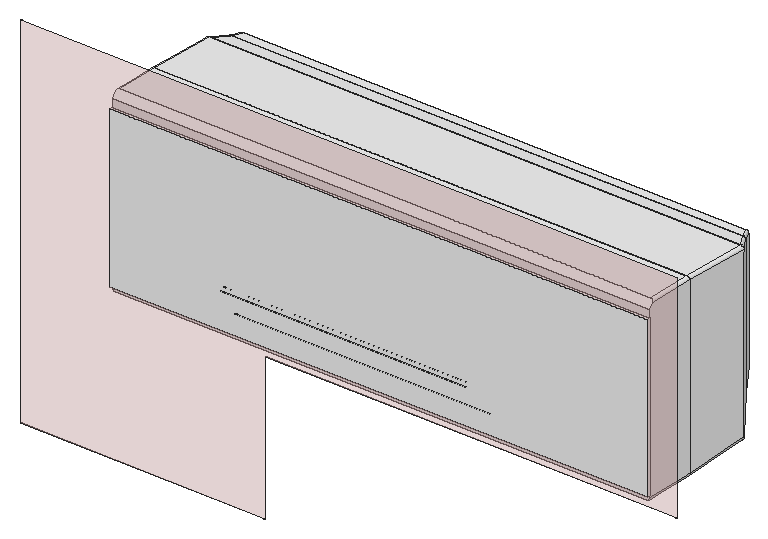
Revit family "PKFY-P40VLM-E(ET)", category Mechanical Equipment, host Wall, Revit 2016
Family settings
  Host = Wall
  Part Type = Normal
  Round Connector Dimension = Use Radius
  OmniClass Number = 23.75.00.00
  OmniClass Title = Climate Control (HVAC)
  Always vertical = Yes
  Cut with Voids When Loaded = No
  Shared = No
  Room Calculation Point = No
Parameters (values of type "PKFY-P40VLM-E(ET)_220V50Hz")
  Width (mm) = 898.000 mm
  Voltage = 220 V
  Unit Weight (kg) = 13.00 kg
  URL = "http://www.mitsubishielectric.com/"
  Subcategory = "HVAC"
  Space View = yes
  Refrigerant control device = "LEV"
  Protection Device = "Fuse"
  Phase = 1
  Outdoor unit refrigerant type = "R410A"
  Noise level (Low-Mid2-Mid1-High) (dB<A>) = "29- 34- 37 - 40 (measured in anechoic room)"
  Model = "PKFY-P40VLM-E(ET)"
  Manufacturer = "Mitsubishi Electric Corporation"
  Liquid pipe_radius (mm) = 3.175 mm
  Insulation material = "Polyethylene sheet"
  Hertz = 50 Hz
  Height (mm) = 299.000 mm
  Heating capacity (kW) = 5
  Heating Power Input (kW) = 0.03
  Heating Current Input (A) = 0.3 A
  Heat exchanger = "Cross fin (Aluminum fin and copper tube)"
  Gas pipe_radius (mm) = 6.350 mm
  Fan motor type = "DC motor"
  Fan Type = "Line flow fan"
  Fan Quantity = 1
  Fan Motor Output (kW) = 0.03
  Fan External static press (Pa(mmH2O)) = "0 (0)"
  Fan Driving mechanism = "Direct driven"
  Fan Air flow rate (Low-Mid2-Mid1-High) (m3/min) = "6.3 - 7.4 - 8.6 - 10.0"
  External Finish = "Plastic"
  Drain pipe_radius (mm) = 8.000 mm
  Depth (mm) = 237.000 mm
  Cooling capacity (kW) = 4.5
  Cooling Power Input (kW) = 0.04
  Cooling Current Input (A) = 0.35 A
  Connectable outdoor unit = "CITY MULTI"
  Air fitter = "PP Honeycomb"
Types (5, lengths in mm): name | Voltage | Hertz
  PKFY-P40VLM-E(ET)_220V50Hz | 220 V | 50 Hz
  PKFY-P40VLM-E(ET)_230V50Hz | 230 V | 50 Hz
  PKFY-P40VLM-E(ET)_240V50Hz | 240 V | 50 Hz
  PKFY-P40VLM-E(ET)_230V60Hz | 230 V | 60 Hz
  PKFY-P40VLM-E(ET)_220V60Hz | 220 V | 60 Hz
Reference planes
  plane 1 "Wall": y = 0
  plane 2 "Center (Left/Right)": x = 0
  plane 3 "Back": y = 75
  plane 4 "TOP": z = 1800
  plane 5: z = 0
  plane 6: z = 5000
  plane 7: z = 0
  plane 8 "UNDER": z = 1501
  plane 9 "Backpanel": y = 80
  plane 10 "Right": x = -449
  plane 11 "Left": x = 449
  plane 12 "114": y = 277
  plane 13 "83": y = 163
  plane 14: x = -432
  plane 15: x = 432
  plane 16 "25": y = 302
  plane 17: x = -424
  plane 18: x = 424
  plane 19: z = 1793.368
  plane 20: y = 115
  plane 21: z = 1516
  plane 22: z = 1531
  plane 23: z = 1556
  plane 24 "FRONT": y = 317
  plane 25: y = 80
  plane 26: x = -599
  plane 27: x = -189
  plane 28: z = 1494
  plane 29: z = 1251
  plane 30: z = 1855
  plane 31: x = 499
Forms (mm)
  Extrusion 1, solid, material "Paint_1Y 9.2/0.2"
    sketch origin (0, 75, -700) x (1, 0, 0) y (0, 0, 1)
      loop
        line (449, 2475) -> (-449, 2475) -> (-449, 2209) -> (449, 2209) -> (449, 2475)
    from 0 to -5
  Extrusion 2, solid, material "Paint_1Y 9.2/0.2"
    sketch origin (0, 80, -700) x (0, 0, -1) y (1, 0, 0)
      loop
        line (-2500, 444) -> (-2500, -444)
        arc (-2500, -444) -> (-2498.536, -447.536) -> (-2495, -449) r 5
        line (-2495, -449) -> (-2206, -449)
        arc (-2206, -449) -> (-2202.464, -447.536) -> (-2201, -444) r 5
        line (-2201, -444) -> (-2201, 444)
        arc (-2201, 444) -> (-2202.464, 447.536) -> (-2206, 449) r 5
        line (-2206, 449) -> (-2495, 449)
        arc (-2495, 449) -> (-2498.536, 447.536) -> (-2500, 444) r 5
    from 0 to -83
  Extrusion 3, void
    sketch origin (0, 0, -700) x (0, 1, 0) y (0, 0, 1)
      loop
        line (89, 2500) -> (80, 2500) -> (80, 2487) -> (89, 2500)
    from 449 to -449
  Blend 4, solid, material "Paint_1Y 9.2/0.2"
    base sketch origin (0, 277, 0) x (0, 0, 1) y (-1, 0, 0)
      loop
        line (1796, -444) -> (1796, 444)
        arc (1796, 444) -> (1794.536, 447.536) -> (1791, 449) r 5
        line (1791, 449) -> (1510, 449)
        arc (1510, 449) -> (1506.464, 447.536) -> (1505, 444) r 5
        line (1505, 444) -> (1505, -444)
        arc (1505, -444) -> (1506.464, -447.536) -> (1510, -449) r 5
        line (1510, -449) -> (1791, -449)
        arc (1791, -449) -> (1794.536, -447.536) -> (1796, -444) r 5
    top sketch origin (0, 277, 0) x (0, 0, 1) y (-1, 0, 0)
      loop
        line (1793, -427) -> (1793, 427)
        arc (1793, 427) -> (1791.536, 430.536) -> (1788, 432) r 5
        line (1788, 432) -> (1559, 432)
        arc (1559, 432) -> (1555.464, 430.536) -> (1554, 427) r 5
        line (1554, 427) -> (1554, -427)
        arc (1554, -427) -> (1555.464, -430.536) -> (1559, -432) r 5
        line (1559, -432) -> (1788, -432)
        arc (1788, -432) -> (1791.536, -430.536) -> (1793, -427) r 5
    from 0 to -25
  Blend 5, solid, material "Paint_1Y 9.2/0.2"
    base sketch origin (0, 302, 0) x (0, 0, 1) y (-1, 0, 0)
      loop
        arc (1793, 427) -> (1791.536, 430.536) -> (1788, 432) r 5
        line (1788, 432) -> (1559, 432)
        arc (1559, 432) -> (1555.464, 430.536) -> (1554, 427) r 5
        line (1554, 427) -> (1554, -427)
        arc (1554, -427) -> (1555.464, -430.536) -> (1559, -432) r 5
        line (1559, -432) -> (1788, -432)
        arc (1788, -432) -> (1791.536, -430.536) -> (1793, -427) r 5
        line (1793, -427) -> (1793, 427)
    top sketch origin (0, 302, 0) x (0, 0, 1) y (-1, 0, 0)
      loop
        line (1793, -419) -> (1793, 419)
        arc (1793, 419) -> (1791.536, 422.536) -> (1788, 424) r 5
        line (1788, 424) -> (1590, 424)
        arc (1590, 424) -> (1586.464, 422.536) -> (1585, 419) r 5
        line (1585, 419) -> (1585, -419)
        arc (1585, -419) -> (1586.464, -422.536) -> (1590, -424) r 5
        line (1590, -424) -> (1788, -424)
        arc (1788, -424) -> (1791.536, -422.536) -> (1793, -419) r 5
    from 0 to -15
  Blend 6, solid, material "Paint_1Y 9.2/0.2"
    base sketch origin (-62.5, 163, 0) x (0, 0, 1) y (-1, 0, 0)
      loop
        arc (1800, 381.5) -> (1798.536, 385.036) -> (1795, 386.5) r 5
        line (1795, 386.5) -> (1506, 386.5)
        arc (1506, 386.5) -> (1502.464, 385.036) -> (1501, 381.5) r 5
        line (1501, 381.5) -> (1501, -506.5)
        arc (1501, -506.5) -> (1502.464, -510.036) -> (1506, -511.5) r 5
        line (1506, -511.5) -> (1795, -511.5)
        arc (1795, -511.5) -> (1798.536, -510.036) -> (1800, -506.5) r 5
        line (1800, -506.5) -> (1800, 381.5)
    top sketch origin (-62.5, 163, 0) x (0, 0, 1) y (-1, 0, 0)
      loop
        line (1796, -506.5) -> (1796, 381.5)
        arc (1796, 381.5) -> (1794.536, 385.036) -> (1791, 386.5) r 5
        line (1791, 386.5) -> (1510, 386.5)
        arc (1510, 386.5) -> (1506.464, 385.036) -> (1505, 381.5) r 5
        line (1505, 381.5) -> (1505, -506.5)
        arc (1505, -506.5) -> (1506.464, -510.036) -> (1510, -511.5) r 5
        line (1510, -511.5) -> (1791, -511.5)
        arc (1791, -511.5) -> (1794.536, -510.036) -> (1796, -506.5) r 5
    from 0 to -114
  Extrusion 7, solid
    sketch origin (-449, 0, 5) x (0, 0, -1) y (0, 1, 0)
      loop
        circle (-1511, 115) r 3.175
    from 178 to 711
  Extrusion 8, solid
    sketch origin (-449, 0, -5) x (0, 0, -1) y (0, 1, 0)
      loop
        circle (-1536, 115) r 6.35
    from 192 to 642
  Extrusion 9, solid
    sketch origin (-449, 0, 0) x (0, 0, -1) y (0, 1, 0)
      loop
        circle (-1556, 115) r 8
    from 160 to 660
  Extrusion 10, solid, material "Service space", visible <- "Space View"
    sketch origin (0, 75, 0) x (1, 0, 0) y (0, 0, 1)
      loop
        line (499, 1855) -> (-599, 1855) -> (-599, 1251) -> (-189, 1251) -> (-189, 1494) -> (499, 1494) -> (499, 1855)
    from 0 to -1
  Extrusion 11, solid
    sketch origin (-449, 0, 0) x (0, 0, -1) y (0, 1, 0)
      loop
        circle (-1556, 115) r 14.5
    from 160 to 655
  Extrusion 12, solid, material "Paint_1Y 9.2/ 0.2"
    sketch origin (0, 0, 0) x (0, 1, 0) y (0, 0, 1)
      loop
        line (187, 1554) -> (187, 1501.842) -> (277, 1505) -> (302, 1554) -> (187, 1554)
    from -250 to 400
Cuts and joins
  Extrusion 3 cuts Extrusion 2
Lines and regions (mm)
  model lines
    curve 1: line (449, 80, 1582) -> (449, 163, 1582)
    curve 2: line (-449, 80, 1582) -> (-449, 163, 1582)
Text (mm)
  text "Placement side" at (-1820.995, 1116.779, 0), in view "Ref. Level"
  text "Placement side" at (0, 1334.055, 2976.191), in view "Left"
  text "Placement side" at (0, 439.194, 2944.362), in view "Right"
Dimensions and locks
  locked: plane 3 "Back" to host wall
  Extrusion 9 to plane 10 "Right" = 160.000 mm
  Extrusion 9 to Extrusion 9 = 500.000 mm
  Extrusion 7 to plane 10 "Right" = 178.000 mm
  Extrusion 7 to Extrusion 7 = 533.000 mm
  Extrusion 8 to plane 10 "Right" = 192.000 mm
  Extrusion 8 to Extrusion 8 = 450.000 mm
  plane 11 "Left" to plane 10 "Right" = 898.000 mm
  plane 8 "UNDER" to plane 4 "TOP" = 299.000 mm
  plane 25 to plane 3 "Back" = 5.000 mm
  plane 24 "FRONT" to plane 25 = 237.000 mm
  plane 31 to plane 11 "Left" = 50.000 mm
  plane 10 "Right" to plane 26 = 150.000 mm
  plane 28 to plane 8 "UNDER" = 7.000 mm
  plane 4 "TOP" to plane 30 = 55.000 mm
  plane 29 to plane 8 "UNDER" = 250.000 mm
  plane 27 to plane 10 "Right" = 260.000 mm
  plane 11 "Left" to plane 2 "Center (Left/Right)" = 449.000 mm
  plane 2 "Center (Left/Right)" to plane 10 "Right" = 449.000 mm
  Extrusion 12 to plane 10 "Right" = 199.000 mm
  Extrusion 12 to Extrusion 12 = 650.000 mm
  Blend 6 to Extrusion 12 = 49.000 mm
  aligned and locked: plane 1 "Wall" to host wall
Connectors
  piping at (262, 115, 1516), diameter 6.35, driven by "Liquid pipe_radius (mm)"
    settings: on Extrusion 7, index 1, connector inside diameter 609.6 mm, connector length 0.000 mm, flow factor 0, pipe flow 0.0 L/s, pressure drop 0.0 Pa, fitting loss kfactor 0, connector angle 0.00°, fixture units 0, engagement length 0.000 mm, angle of deflection 0.00°, flow configuration 0, flow direction 0, fitting loss method 0, system type 22, joint type 0, gender type 0, connector reference index -1, connector utility 0, adjustable connector no, is connector primary yes, connector description "Liquid Pipe"
  piping at (193, 115, 1531), diameter 12.7, driven by "Gas pipe_radius (mm)"
    settings: on Extrusion 8, index 2, connector inside diameter 609.6 mm, connector length 0.000 mm, flow factor 0, pipe flow 0.0 L/s, pressure drop 0.0 Pa, fitting loss kfactor 0, connector angle 0.00°, fixture units 0, engagement length 0.000 mm, angle of deflection 0.00°, flow configuration 0, flow direction 0, fitting loss method 0, system type 22, joint type 0, gender type 0, connector reference index -1, connector utility 0, adjustable connector no, is connector primary no, connector description "Gas Pipe"
  piping at (211, 115, 1556), diameter 16, driven by "Drain pipe_radius (mm)"
    settings: on Extrusion 9, index 3, connector inside diameter 609.6 mm, connector length 0.000 mm, flow factor 0, pipe flow 0.0 L/s, pressure drop 0.0 Pa, fitting loss kfactor 0, connector angle 0.00°, fixture units 0, engagement length 0.000 mm, angle of deflection 0.00°, flow configuration 0, flow direction 0, fitting loss method 0, system type 22, joint type 0, gender type 0, connector reference index -1, connector utility 0, adjustable connector no, is connector primary no, connector description "Drain Pipe"
  electrical at (0, 80, 1642), driven by "Phase", driven by "Voltage"
    settings: on Extrusion 1, index 4, voltage 220 V, apparent load 0 VA, apparent load phase1 0 VA, apparent load phase2 0 VA, apparent load phase3 0 VA, power factor 1, load classification "Other", number of poles 1, system type 30, power factor state 1, is connector primary yes, connector utility no, sub classification motor no, connector description ""
